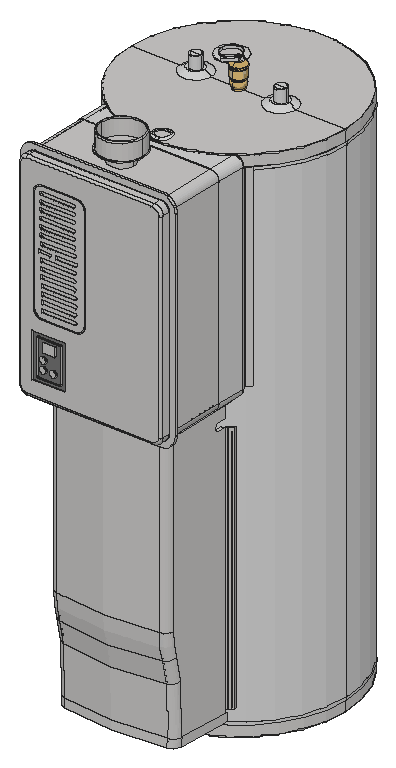
Revit family "Water_Heater-Rinnai-Hybrid_Tank-Tankless-RH180", category Mechanical Equipment, Revit 2012 (continued)
Definition of nested family "RH180"
  Automatic sketch dimensions
    Revolve 8 sketch curve to plane 10 = 0.2546"
    Revolve 8 sketch curve to Revolve 8 sketch curve = 0.24213"
    Revolve 8 sketch curve to Revolve 8 sketch curve = 0.07976"
    Revolve 8 sketch curve to Revolve 8 sketch curve = 0.10528"
    Revolve 8 sketch curve to Revolve 8 sketch curve = 0.01695"
    Revolve 8 sketch curve to Revolve 8 sketch curve = 0.25813"
    Revolve 8 sketch curve to Revolve 8 sketch curve = 0.26392"
    Revolve 8 sketch curve to Revolve 8 sketch curve = 0.08127"
    Revolve 8 sketch curve to Revolve 8 sketch curve = 0.02006"
    Revolve 8 sketch curve to Revolve 8 sketch curve = 0.062"  (x3)
    Revolve 8 sketch curve to Revolve 8 sketch curve = 0.06337"
    Revolve 8 sketch curve to Revolve 8 sketch curve = 0.26342"
    Revolve 8 sketch curve to Revolve 8 sketch curve = 0.00261"
    Revolve 8 sketch curve to Revolve 8 sketch curve = 0.00631"
    Revolve 8 sketch curve to Revolve 8 sketch curve = 0.03864"
    Revolve 8 sketch curve to Revolve 8 sketch curve = 0.12042"
    Revolve 8 sketch curve to plane 4 = 0.14293"
    Revolve 8 sketch curve to Revolve 8 sketch curve = 0.031"
    Revolve 8 sketch curve to Revolve 8 sketch curve = 0.1223"
    Revolve 8 sketch curve to Revolve 8 sketch curve = 0.245"
    Revolve 8 sketch curve to Revolve 8 sketch curve = 0.04657"
    Revolve 8 sketch curve to Revolve 8 sketch curve = 0.06051"
    Revolve 8 sketch curve to Revolve 8 sketch curve = 0.09363"
    Revolve 8 sketch curve to Revolve 8 sketch curve = 0.06693"
    Revolve 8 sketch curve to Revolve 8 sketch curve = 0.70137"
    Revolve 8 sketch curve to Revolve 8 sketch curve = 0.02307"
    Revolve 8 sketch curve to Revolve 8 sketch curve = 0.04387"
    Revolve 8 sketch curve to Revolve 8 sketch curve = 0.28709"
    Revolve 8 sketch curve to Revolve 8 sketch curve = 0.42644"
    Sweep 9 sketch curve to plane 10 = 0.08318"
    plane 3 "Center (Left/Right)" to Sweep 9 sketch curve = 0.34063"
    Sweep 9 sketch curve to Sweep 9 sketch curve = 0.03132"
    profile plane to Sweep 9 sketch curve = 1.58317"
    Sweep 9 sketch curve to Sweep 9 sketch curve = 0.12413"
    profile plane to Sweep 9 sketch curve = 0.58324"
    Sweep 9 sketch curve to Sweep 9 sketch curve = 0.02946"
    Sweep 9 sketch curve to Sweep 9 sketch curve = 0.00629"
    profile plane to Sweep 9 sketch curve = 0.07443"
    Sweep 9 sketch curve to profile plane = 0.00007"
    Sweep 9 sketch curve to profile plane = 0.02151"
    level to Sweep 9 sketch curve = 50.90632"
    Sweep 9 sketch curve to Sweep 9 sketch curve = 0.16175"
    Sweep 9 sketch curve to Sweep 9 sketch curve = 0.02123"
    Sweep 10 sketch curve to plane 3 "Center (Left/Right)" = 0.12116"
    plane 10 to Sweep 10 sketch curve = 0.30239"
    Sweep 10 sketch curve to Sweep 10 sketch curve = 0.03132"
    profile plane to Sweep 10 sketch curve = 0.02151"
    profile plane to Sweep 10 sketch curve = 0.00007"
    Sweep 10 sketch curve to profile plane = 0.07443"
    Sweep 10 sketch curve to Sweep 10 sketch curve = 0.47306"
    Sweep 10 sketch curve to Sweep 10 sketch curve = 0.00629"
    Sweep 10 sketch curve to Sweep 10 sketch curve = 0.02946"
    Sweep 10 sketch curve to Sweep 10 sketch curve = 0.8758"
    Sweep 10 sketch curve to Sweep 10 sketch curve = 0.12413"
    level to Sweep 10 sketch curve = 50.90632"
    Sweep 10 sketch curve to Sweep 10 sketch curve = 0.16175"
    Sweep 10 sketch curve to Sweep 10 sketch curve = 0.02123"
    Sweep 11 sketch curve to plane 3 "Center (Left/Right)" = 0.88817"
    plane 10 to Sweep 11 sketch curve = 0.92763"
    Sweep 11 sketch curve to Sweep 11 sketch curve = 1"
    profile plane to Sweep 11 sketch curve = 0.1551"
    Sweep 11 sketch curve to Sweep 11 sketch curve = 0.02744"  (x2)
    Sweep 11 sketch curve to Sweep 11 sketch curve = 0.00388"  (x2)
    Sweep 11 sketch curve to profile plane = 0.12378"
    level to Sweep 11 sketch curve = 51.21335"
    Sweep 11 sketch curve to Sweep 11 sketch curve = 0"
    Sweep 11 sketch curve to Sweep 11 sketch curve = 0.04053"
    Sweep 11 sketch curve to Sweep 11 sketch curve = 0.01243"
    Revolve 12 sketch curve to plane 3 "Center (Left/Right)" = 0.11449"
    Revolve 12 sketch curve to Revolve 12 sketch curve = 0"  (x2)
    Revolve 12 sketch curve to Revolve 12 sketch curve = 0.03182"  (x2)
    Revolve 12 sketch curve to plane 3 "Center (Left/Right)" = 0.03398"
    plane 3 "Center (Left/Right)" to Revolve 12 sketch curve = 0.20371"
    plane 10 to Revolve 12 sketch curve = 0.1591"
    Revolve 12 sketch curve to plane 10 = 0.0786"
    plane 5 to Extrusion 18 sketch curve = 4.06685"
    Extrusion 18 sketch curve to Extrusion 18 sketch curve = 0.0693"
    Extrusion 18 sketch curve to Extrusion 18 sketch curve = 0.44319"
    Extrusion 18 sketch curve to Extrusion 18 sketch curve = 0.05622"
    Extrusion 18 sketch curve to Extrusion 18 sketch curve = 0.06348"
    Extrusion 18 sketch curve to Extrusion 18 sketch curve = 0.0961"
    Extrusion 18 sketch curve to Extrusion 18 sketch curve = 0.05609"
    Extrusion 18 sketch curve to Extrusion 18 sketch curve = 0.08818"
    Extrusion 18 sketch curve to plane 3 "Center (Left/Right)" = 0.98536"
    plane 1 "Center (Front/Back)" to Extrusion 18 sketch curve = 4.81805"
    Extrusion 18 sketch curve to Extrusion 18 sketch curve = 0.03975"
    Extrusion 18 sketch curve to Extrusion 18 sketch curve = 0.0707"
    Extrusion 18 sketch curve to Extrusion 18 sketch curve = 0.04249"
    Extrusion 18 sketch curve to Extrusion 18 sketch curve = 0.24866"
    Extrusion 18 sketch curve to Extrusion 18 sketch curve = 0.13918"
    Extrusion 19 sketch curve to plane 6 = 3.81072"
    Extrusion 19 sketch curve to Extrusion 19 sketch curve = 0.08694"
    Extrusion 19 sketch curve to Extrusion 19 sketch curve = 0.39198"
    Extrusion 19 sketch curve to Extrusion 19 sketch curve = 0.07053"
    Extrusion 19 sketch curve to Extrusion 19 sketch curve = 0.04589"
    Extrusion 19 sketch curve to Extrusion 19 sketch curve = 0.02001"
    Extrusion 19 sketch curve to Extrusion 19 sketch curve = 0.11011"
    Extrusion 19 sketch curve to Extrusion 19 sketch curve = 0.05004"
    Extrusion 19 sketch curve to Extrusion 19 sketch curve = 0.16281"
    Extrusion 19 sketch curve to plane 10 = 0.0025"
    Extrusion 19 sketch curve to plane 3 "Center (Left/Right)" = 1/8"
    Extrusion 19 sketch curve to plane 1 "Center (Front/Back)" = 4.23341"
    Extrusion 19 sketch curve to Extrusion 19 sketch curve = 33/256"
    Extrusion 19 sketch curve to Extrusion 19 sketch curve = 0.04948"
    Extrusion 19 sketch curve to Extrusion 19 sketch curve = 0.09962"
    Extrusion 19 sketch curve to Extrusion 19 sketch curve = 0.05603"
    Extrusion 19 sketch curve to Extrusion 19 sketch curve = 0.048"
    Extrusion 20 sketch curve to plane 6 = 4.06685"
    Extrusion 20 sketch curve to Extrusion 20 sketch curve = 0.0693"
    Extrusion 20 sketch curve to Extrusion 20 sketch curve = 0.44319"
    Extrusion 20 sketch curve to Extrusion 20 sketch curve = 0.05622"
    Extrusion 20 sketch curve to Extrusion 20 sketch curve = 0.06348"
    Extrusion 20 sketch curve to Extrusion 20 sketch curve = 0.0961"
    Extrusion 20 sketch curve to Extrusion 20 sketch curve = 0.05609"
    Extrusion 20 sketch curve to Extrusion 20 sketch curve = 0.08818"
    Extrusion 20 sketch curve to plane 3 "Center (Left/Right)" = 0.98536"
    Extrusion 20 sketch curve to plane 1 "Center (Front/Back)" = 4.81805"
    Extrusion 20 sketch curve to Extrusion 20 sketch curve = 0.03975"
    Extrusion 20 sketch curve to Extrusion 20 sketch curve = 0.0707"
    Extrusion 20 sketch curve to Extrusion 20 sketch curve = 0.04249"
    Extrusion 20 sketch curve to Extrusion 20 sketch curve = 0.24866"
    Extrusion 20 sketch curve to Extrusion 20 sketch curve = 0.13918"
    plane 5 to Revolve 21 sketch curve = 1.91318"
    plane 1 "Center (Front/Back)" to Revolve 21 sketch curve = 2.94911"
    Revolve 21 sketch curve to Revolve 21 sketch curve = 0.07673"
    Revolve 21 sketch curve to Revolve 21 sketch curve = 0.21759"
    Revolve 21 sketch curve to Revolve 21 sketch curve = 0.42737"
    Revolve 21 sketch curve to Revolve 21 sketch curve = 0.03017"
    Revolve 21 sketch curve to Revolve 21 sketch curve = 0.44159"
    Revolve 21 sketch curve to Revolve 21 sketch curve = 7.82943"
    Revolve 21 sketch curve to Revolve 21 sketch curve = 0"
    Revolve 21 sketch curve to Revolve 21 sketch curve = 0.07649"
    Revolve 21 sketch curve to Revolve 21 sketch curve = 0.47815"
    Revolve 21 sketch curve to Revolve 21 sketch curve = 0.32454"
    Revolve 22 sketch curve to plane 9 = 2.20117"  (x2)
    Revolve 22 sketch curve to Revolve 22 sketch curve = 0"
    Revolve 22 sketch curve to plane 9 = 2.33375"
    Revolve 22 sketch curve to Revolve 22 sketch curve = 0.13258"
    Revolve 22 sketch curve to plane 9 = 1.94757"
    Revolve 22 sketch curve to Revolve 22 sketch curve = 0.2536"
    Revolve 22 sketch curve to plane 9 = 1.9802"
    Revolve 22 sketch curve to Revolve 22 sketch curve = 0.23254"
    Revolve 22 sketch curve to plane 9 = 2.03321"
    Revolve 22 sketch curve to Revolve 22 sketch curve = 0.05301"
    Revolve 22 sketch curve to plane 9 = 2.13542"
    Revolve 22 sketch curve to Revolve 22 sketch curve = 0.2192"
    Revolve 22 sketch curve to plane 9 = 1.88739"
    Revolve 22 sketch curve to Revolve 22 sketch curve = 0.12996"
    Revolve 22 sketch curve to Revolve 22 sketch curve = 0.05392"  (x2)
    Revolve 22 sketch curve to plane 9 = 1.94643"
    Revolve 22 sketch curve to Revolve 22 sketch curve = 0.05904"
    Revolve 24 sketch curve to plane 4 = 2.59477"
    plane 1 "Center (Front/Back)" to Revolve 24 sketch curve = 5.9715"
    Revolve 24 sketch curve to plane 4 = 2.50012"
    Revolve 24 sketch curve to Revolve 24 sketch curve = 0.178"
    Revolve 24 sketch curve to Revolve 24 sketch curve = 0.05032"
    Revolve 24 sketch curve to Revolve 24 sketch curve = 0.62849"
    Revolve 24 sketch curve to Revolve 24 sketch curve = 0.043"
    Revolve 24 sketch curve to Revolve 24 sketch curve = 0.13591"
    Revolve 25 sketch curve to level = 0"
    level to Revolve 25 sketch curve = 0.07217"
    plane 5 to Revolve 25 sketch curve = 1.72505"
    Revolve 25 sketch curve to Revolve 25 sketch curve = 0"  (x3)
    Revolve 25 sketch curve to Revolve 25 sketch curve = 0.11113"
    Revolve 25 sketch curve to Revolve 25 sketch curve = 0.72556"
    Revolve 25 sketch curve to Revolve 25 sketch curve = 0.02023"
    Revolve 26 sketch curve to level = 0"
    Revolve 26 sketch curve to plane 3 "Center (Left/Right)" = 0"  (x2)
    Revolve 26 sketch curve to plane 3 "Center (Left/Right)" = 0.72556"
    level to Revolve 26 sketch curve = 0.07217"  (x2)
    Revolve 26 sketch curve to Revolve 26 sketch curve = 0.11113"
    level to Revolve 26 sketch curve = 0.02023"
    Revolve 26 sketch curve to Revolve 26 sketch curve = 0"
    Revolve 27 sketch curve to level = 0"
    Revolve 27 sketch curve to plane 3 "Center (Left/Right)" = 0"  (x2)
    Revolve 27 sketch curve to plane 3 "Center (Left/Right)" = 0.72556"
    level to Revolve 27 sketch curve = 0.07217"  (x2)
    Revolve 27 sketch curve to Revolve 27 sketch curve = 0.11113"
    level to Revolve 27 sketch curve = 0.02023"
    Revolve 27 sketch curve to Revolve 27 sketch curve = 0"
    Revolve 28 sketch curve to level = 0"
    level to Revolve 28 sketch curve = 0.07217"
    plane 3 "Center (Left/Right)" to Revolve 28 sketch curve = 4.69968"
    Revolve 28 sketch curve to Revolve 28 sketch curve = 0"  (x3)
    Revolve 28 sketch curve to Revolve 28 sketch curve = 0.11113"
    Revolve 28 sketch curve to Revolve 28 sketch curve = 0.72556"
    Revolve 28 sketch curve to Revolve 28 sketch curve = 0.02023"
    Revolve 25 to Extrusion 29 sketch curve = 2.0016"  (x3)
    Extrusion 29 sketch curve to Extrusion 29 sketch curve = 4.02291"
    Extrusion 29 sketch curve to Extrusion 29 sketch curve = 4"
    plane 5 to Sweep 30 sketch curve = 3.34436"
    Sweep 30 sketch curve to Sweep 30 sketch curve = 107/128"  (x2)
    plane 6 to Sweep 30 sketch curve = 4.11396"
    plane 6 to Sweep 30 sketch curve = 4.11384"
    Sweep 30 sketch curve to Sweep 30 sketch curve = 0.83582"
    Sweep 30 sketch curve to plane 4 = 22.78972"
    Sweep 30 sketch curve to plane 4 = 3.46818"
    profile plane to Sweep 30 sketch curve = 0.2126"
    profile plane to Sweep 30 sketch curve = 0.10526"
    profile plane to Sweep 30 sketch curve = 0.06299"
    profile plane to Sweep 30 sketch curve = 0.05919"
    Sweep 30 sketch curve to profile plane = 0.02496"
    Sweep 30 sketch curve to profile plane = 0.07035"
    Sweep 30 sketch curve to Sweep 30 sketch curve = 0.44147"
    plane 1 "Center (Front/Back)" to Sweep 30 sketch curve = 6.85225"
    Sweep 30 sketch curve to Sweep 30 sketch curve = 5.5748"
    Sweep 30 sketch curve to Sweep 30 sketch curve = 0.19685"
    Sweep 30 sketch curve to Sweep 30 sketch curve = 0.07874"
    plane 5 to Sweep 31 sketch curve = 3.34436"
    Sweep 31 sketch curve to Sweep 31 sketch curve = 107/128"  (x2)
    plane 6 to Sweep 31 sketch curve = 4.11396"
    plane 6 to Sweep 31 sketch curve = 4.11384"
    Sweep 31 sketch curve to Sweep 31 sketch curve = 0.83582"
    Sweep 31 sketch curve to plane 4 = 22.78972"
    Sweep 31 sketch curve to plane 4 = 3.46818"
    profile plane to Sweep 31 sketch curve = 0.34917"
    Sweep 31 sketch curve to Sweep 31 sketch curve = 0.0738"
    profile plane to Sweep 31 sketch curve = 0.08002"
    plane 1 "Center (Front/Back)" to Sweep 31 sketch curve = 12.70264"
    Sweep 31 sketch curve to Sweep 31 sketch curve = 0.66161"
    plane 5 to Extrusion 32 sketch curve = 3.69353"
    Extrusion 32 sketch curve to Extrusion 32 sketch curve = 0.48677"  (x2)
    plane 6 to Extrusion 32 sketch curve = 4.11396"
    plane 6 to Extrusion 32 sketch curve = 4.11384"
    Extrusion 32 sketch curve to Extrusion 32 sketch curve = 0.48665"
    Extrusion 32 sketch curve to plane 4 = 22.44055"
    Extrusion 32 sketch curve to plane 4 = 3.46818"
    Extrusion 33 sketch curve to Extrusion 33 sketch curve = 0"  (x9)
    Extrusion 33 sketch curve to plane 3 "Center (Left/Right)" = 4.93964"
    Extrusion 33 sketch curve to Extrusion 33 sketch curve = 9/256"
    Extrusion 33 sketch curve to Extrusion 33 sketch curve = 0.08057"
    Extrusion 33 sketch curve to Extrusion 33 sketch curve = 25/256"
    Extrusion 33 sketch curve to Extrusion 33 sketch curve = 0.44987"
    Extrusion 33 sketch curve to Extrusion 33 sketch curve = 0.49262"
    Extrusion 33 sketch curve to Extrusion 33 sketch curve = 0.0485"
    Extrusion 33 sketch curve to Extrusion 33 sketch curve = 0.05142"
    Extrusion 33 sketch curve to Extrusion 33 sketch curve = 0.93621"
    Extrusion 33 sketch curve to Extrusion 33 sketch curve = 0.99669"
    Extrusion 33 sketch curve to Extrusion 33 sketch curve = 0.00502"
    Extrusion 33 sketch curve to Extrusion 33 sketch curve = 3/64"
    Extrusion 33 sketch curve to Extrusion 33 sketch curve = 0.41061"
    Extrusion 33 sketch curve to Extrusion 33 sketch curve = 0.60027"
    Extrusion 33 sketch curve to Extrusion 33 sketch curve = 0.09786"
    Extrusion 33 sketch curve to plane 4 = 20.88421"
    Extrusion 33 sketch curve to Extrusion 33 sketch curve = 0.62491"  (x2)
    Extrusion 33 sketch curve to Extrusion 33 sketch curve = 0.83125"
    Extrusion 33 sketch curve to Extrusion 33 sketch curve = 0.63547"
    Extrusion 33 sketch curve to Extrusion 33 sketch curve = 0.75123"
    Extrusion 33 sketch curve to Extrusion 33 sketch curve = 0.2775"
    plane 5 to Extrusion 34 sketch curve = 4.62956"
    Extrusion 34 sketch curve to plane 3 "Center (Left/Right)" = 2.23215"
    Extrusion 34 sketch curve to plane 4 = 21.24009"
    Extrusion 34 sketch curve to Extrusion 34 sketch curve = 4.14276"
    plane 5 to Extrusion 35 sketch curve = 4.62956"
    Extrusion 35 sketch curve to plane 3 "Center (Left/Right)" = 2.23215"
    Extrusion 35 sketch curve to plane 4 = 21.24009"
    Extrusion 35 sketch curve to Extrusion 35 sketch curve = 4.14276"
    plane 5 to Sweep 36 sketch curve = 4.76508"
    Sweep 36 sketch curve to Sweep 36 sketch curve = 215/256"
    Sweep 36 sketch curve to Sweep 36 sketch curve = 0.84077"
    Sweep 36 sketch curve to plane 3 "Center (Left/Right)" = 1.26374"  (x2)
    Sweep 36 sketch curve to plane 3 "Center (Left/Right)" = 0.42389"  (x2)
    Sweep 36 sketch curve to plane 4 = 15.92358"
    Sweep 36 sketch curve to Sweep 36 sketch curve = 0"  (x2)
    Sweep 36 sketch curve to plane 4 = 5.536"
    Sweep 36 sketch curve to profile plane = 0"
    Sweep 36 sketch curve to profile plane = 0.02279"
    Sweep 36 sketch curve to Sweep 36 sketch curve = 0.03309"
    profile plane to Sweep 36 sketch curve = 13.55968"
    Sweep 36 sketch curve to Sweep 36 sketch curve = 0.09358"
    plane 5 to Extrusion 37 sketch curve = 4.82097"
    Extrusion 37 sketch curve to plane 3 "Center (Left/Right)" = 4.60106"
    Extrusion 37 sketch curve to Extrusion 37 sketch curve = 0.77463"
    Extrusion 37 sketch curve to Extrusion 37 sketch curve = 0.19666"
    Extrusion 37 sketch curve to Extrusion 37 sketch curve = 0"  (x19)
    Extrusion 37 sketch curve to Extrusion 37 sketch curve = 0.78396"
    Extrusion 37 sketch curve to Extrusion 37 sketch curve = 0.01026"
    Extrusion 37 sketch curve to Extrusion 37 sketch curve = 0.25764"  (x2)
    Extrusion 37 sketch curve to Extrusion 37 sketch curve = 0.11263"  (x2)
    Extrusion 37 sketch curve to Extrusion 37 sketch curve = 0.06098"  (x3)
    Extrusion 37 sketch curve to Extrusion 37 sketch curve = 0.6456"
    Extrusion 37 sketch curve to Extrusion 37 sketch curve = 0.04017"  (x2)
    Extrusion 37 sketch curve to Extrusion 37 sketch curve = 0.63755"
    Extrusion 37 sketch curve to plane 3 "Center (Left/Right)" = 1.4644"
    Extrusion 37 sketch curve to plane 3 "Center (Left/Right)" = 1.34244"
    Extrusion 37 sketch curve to Extrusion 37 sketch curve = 0.13848"
    Extrusion 37 sketch curve to Extrusion 37 sketch curve = 0.07871"
    Extrusion 37 sketch curve to Extrusion 37 sketch curve = 0.20066"
    Extrusion 37 sketch curve to plane 3 "Center (Left/Right)" = 0.47977"  (x2)
    Extrusion 37 sketch curve to plane 4 = 15.86769"
    Extrusion 37 sketch curve to Extrusion 37 sketch curve = 0.2567"
    Extrusion 37 sketch curve to Extrusion 37 sketch curve = 0.0467"
    Extrusion 37 sketch curve to Extrusion 37 sketch curve = 0.26964"
    Extrusion 37 sketch curve to Extrusion 37 sketch curve = 0.21"  (x13)
    Extrusion 37 sketch curve to Extrusion 37 sketch curve = 0.277"  (x6)
    Extrusion 37 sketch curve to Extrusion 37 sketch curve = 0.25362"
    Extrusion 37 sketch curve to Extrusion 37 sketch curve = 0.30038"
    Extrusion 37 sketch curve to Extrusion 37 sketch curve = 0.27793"
    Extrusion 37 sketch curve to Extrusion 37 sketch curve = 0.30826"
    Extrusion 37 sketch curve to Extrusion 37 sketch curve = 0.17233"
    Extrusion 37 sketch curve to Extrusion 37 sketch curve = 0.27607"
    Extrusion 37 sketch curve to Extrusion 37 sketch curve = 0.28952"
    Extrusion 37 sketch curve to Extrusion 37 sketch curve = 0.24688"
    Extrusion 37 sketch curve to Extrusion 37 sketch curve = 0.2946"
    Extrusion 37 sketch curve to Extrusion 37 sketch curve = 0.05379"
    Extrusion 37 sketch curve to Extrusion 37 sketch curve = 0.15621"
    plane 5 to Extrusion 38 sketch curve = 4.76508"
    Extrusion 38 sketch curve to Extrusion 38 sketch curve = 215/256"
    Extrusion 38 sketch curve to Extrusion 38 sketch curve = 0.84077"
    Extrusion 38 sketch curve to plane 3 "Center (Left/Right)" = 1.26374"  (x2)
    Extrusion 38 sketch curve to plane 3 "Center (Left/Right)" = 0.42389"  (x2)
    Extrusion 38 sketch curve to plane 4 = 15.92358"
    Extrusion 38 sketch curve to Extrusion 38 sketch curve = 0"  (x2)
    Extrusion 38 sketch curve to plane 4 = 5.536"
    plane 5 to Sweep 39 sketch curve = 3.34436"
    Sweep 39 sketch curve to Sweep 39 sketch curve = 107/128"  (x2)
    plane 6 to Sweep 39 sketch curve = 4.11396"
    plane 6 to Sweep 39 sketch curve = 4.11384"
    Sweep 39 sketch curve to Sweep 39 sketch curve = 0.83582"
    Sweep 39 sketch curve to plane 4 = 22.78972"
    Sweep 39 sketch curve to plane 4 = 3.46818"
    profile plane to Sweep 39 sketch curve = 0.35322"
    profile plane to Sweep 39 sketch curve = 0.20351"
    profile plane to Sweep 39 sketch curve = 0.02393"
    plane 1 "Center (Front/Back)" to Sweep 39 sketch curve = 3.93037"
    Sweep 39 sketch curve to Sweep 39 sketch curve = 2.7423"
    Extrusion 40 sketch curve to plane 3 "Center (Left/Right)" = 0"
    plane 5 to Extrusion 40 sketch curve = 3.52004"
    Extrusion 40 sketch curve to Extrusion 40 sketch curve = 0.00265"
    Extrusion 40 sketch curve to Extrusion 40 sketch curve = 0.08542"
    Extrusion 40 sketch curve to Extrusion 40 sketch curve = 0"
    Extrusion 40 sketch curve to Extrusion 40 sketch curve = 0.15002"
    Extrusion 40 sketch curve to Extrusion 40 sketch curve = 0.15003"
    Extrusion 40 sketch curve to Extrusion 40 sketch curve = 0.02774"
    Extrusion 40 sketch curve to Extrusion 40 sketch curve = 0.09087"
    Extrusion 40 sketch curve to Extrusion 40 sketch curve = 0.00906"
    Extrusion 40 sketch curve to Extrusion 40 sketch curve = 0.41354"
    Extrusion 40 sketch curve to Extrusion 40 sketch curve = 0.11101"
    plane 1 "Center (Front/Back)" to Extrusion 40 sketch curve = 4.09102"
    Extrusion 40 sketch curve to Extrusion 40 sketch curve = 0.14734"
    Extrusion 40 sketch curve to Extrusion 40 sketch curve = 0.00338"
    Extrusion 40 sketch curve to Extrusion 40 sketch curve = 0.1517"
    Extrusion 40 sketch curve to Extrusion 40 sketch curve = 0.00159"
    Extrusion 40 sketch curve to Extrusion 40 sketch curve = 0.08473"
    Extrusion 41 sketch curve to plane 3 "Center (Left/Right)" = 0"
    Extrusion 41 sketch curve to plane 6 = 3.52004"
    Extrusion 41 sketch curve to Extrusion 41 sketch curve = 0.00265"
    Extrusion 41 sketch curve to Extrusion 41 sketch curve = 0.08542"
    Extrusion 41 sketch curve to Extrusion 41 sketch curve = 0"
    Extrusion 41 sketch curve to Extrusion 41 sketch curve = 0.15002"
    Extrusion 41 sketch curve to Extrusion 41 sketch curve = 0.15003"
    Extrusion 41 sketch curve to Extrusion 41 sketch curve = 0.02774"
    Extrusion 41 sketch curve to Extrusion 41 sketch curve = 0.09087"
    Extrusion 41 sketch curve to Extrusion 41 sketch curve = 0.00906"
    Extrusion 41 sketch curve to Extrusion 41 sketch curve = 0.41354"
    Extrusion 41 sketch curve to Extrusion 41 sketch curve = 0.11101"
    Extrusion 41 sketch curve to plane 1 "Center (Front/Back)" = 4.09102"
    Extrusion 41 sketch curve to Extrusion 41 sketch curve = 0.14734"
    Extrusion 41 sketch curve to Extrusion 41 sketch curve = 0.00338"
    Extrusion 41 sketch curve to Extrusion 41 sketch curve = 0.1517"
    Extrusion 41 sketch curve to Extrusion 41 sketch curve = 0.00159"
    Extrusion 41 sketch curve to Extrusion 41 sketch curve = 0.08473"
    Extrusion 42 sketch curve to plane 3 "Center (Left/Right)" = 0"
    plane 10 to Extrusion 42 sketch curve = 0.00118"
    plane 3 "Center (Left/Right)" to Sweep 4 sketch curve = 0.04855"
    Sweep 4 sketch curve to plane 8 = 3.84058"
    Sweep 4 sketch curve to profile plane = 0.04748"
    Sweep 4 sketch curve to profile plane = 0.1699"
    Sweep 4 sketch curve to Sweep 4 sketch curve = 9/256"  (x3)
    Sweep 4 sketch curve to Sweep 4 sketch curve = 0.00551"
    Sweep 4 sketch curve to Sweep 4 sketch curve = 0.03718"
    Sweep 4 sketch curve to Sweep 4 sketch curve = 0.78144"
    level to Sweep 4 sketch curve = 48.50476"
    Sweep 4 sketch curve to Sweep 4 sketch curve = 1.02407"
    Sweep 4 sketch curve to Sweep 4 sketch curve = 0.02274"
    Sweep 4 sketch curve to Sweep 4 sketch curve = 1.45152"
    Sweep 4 sketch curve to Sweep 4 sketch curve = 0.00588"
    Sweep 4 sketch curve to Sweep 4 sketch curve = 0.124"
    Sweep 13 sketch curve to plane 9 = 2.73345"
    plane 8 to Sweep 13 sketch curve = 26.80447"
    plane 8 to Sweep 13 sketch curve = 7.95494"
    Sweep 13 sketch curve to plane 8 = 1.78784"
    Sweep 13 sketch curve to plane 8 = 2.18193"
    Sweep 13 sketch curve to Sweep 13 sketch curve = 0"  (x5)
    Sweep 13 sketch curve to Sweep 13 sketch curve = 0.40569"
    Sweep 13 sketch curve to plane 9 = 1.30155"
    Sweep 13 sketch curve to Sweep 13 sketch curve = 0.12715"
    Sweep 13 sketch curve to Sweep 13 sketch curve = 16.60664"
    Sweep 13 sketch curve to profile plane = 1.30976"
    Sweep 13 sketch curve to plane 3 "Center (Left/Right)" = 5.44033"
    Sweep 13 sketch curve to Sweep 13 sketch curve = 1/4"
    Sweep 13 sketch curve to profile plane = 0.45271"
    Sweep 13 sketch curve to Sweep 13 sketch curve = 0.52237"
    Sweep 13 sketch curve to Sweep 13 sketch curve = 0.06113"
    Sweep 13 sketch curve to Sweep 13 sketch curve = 0.13549"
    plane 3 "Center (Left/Right)" to Sweep 13 sketch curve = 0.04461"
    plane 3 "Center (Left/Right)" to Sweep 13 sketch curve = 0.12152"
    Sweep 13 sketch curve to profile plane = 1.31375"
    plane 3 "Center (Left/Right)" to Sweep 13 sketch curve = 4.66852"
    Sweep 13 sketch curve to Sweep 13 sketch curve = 0.07254"
    Sweep 13 sketch curve to Sweep 13 sketch curve = 0.00424"
    Sweep 13 sketch curve to Sweep 13 sketch curve = 0.48173"
    Sweep 13 sketch curve to Sweep 13 sketch curve = 0.30676"
    Extrusion 14 sketch curve to plane 9 = 2.73345"
    plane 8 to Extrusion 14 sketch curve = 26.80447"
    plane 8 to Extrusion 14 sketch curve = 7.95494"
    Extrusion 14 sketch curve to plane 8 = 3.0976"
    Extrusion 14 sketch curve to Extrusion 14 sketch curve = 0.33679"
    Extrusion 14 sketch curve to Extrusion 14 sketch curve = 0"  (x2)
    Extrusion 14 sketch curve to Extrusion 14 sketch curve = 0.45582"
    Extrusion 14 sketch curve to plane 9 = 1.23809"
    Extrusion 14 sketch curve to Extrusion 14 sketch curve = 0.13279"
    Extrusion 14 sketch curve to Extrusion 14 sketch curve = 5.12204"
    Extrusion 14 sketch curve to Extrusion 14 sketch curve = 0.75207"
    Extrusion 14 sketch curve to plane 9 = 0.99804"
    plane 1 "Center (Front/Back)" to Extrusion 14 sketch curve = 4.7783"
    Extrusion 14 sketch curve to Extrusion 14 sketch curve = 14.38164"
    Extrusion 14 sketch curve to Extrusion 14 sketch curve = 3/8"
    Extrusion 14 sketch curve to Extrusion 14 sketch curve = 1.475"
    Extrusion 15 sketch curve to plane 9 = 2.73345"
    plane 8 to Extrusion 15 sketch curve = 26.80447"
    plane 8 to Extrusion 15 sketch curve = 7.95494"
    Extrusion 15 sketch curve to plane 8 = 3.0976"
    Extrusion 15 sketch curve to Extrusion 15 sketch curve = 0.33679"
    Extrusion 15 sketch curve to Extrusion 15 sketch curve = 0"  (x2)
    Extrusion 15 sketch curve to Extrusion 15 sketch curve = 0.45582"
    Extrusion 15 sketch curve to plane 9 = 1.23809"
    Extrusion 15 sketch curve to Extrusion 15 sketch curve = 0.13279"
    Extrusion 15 sketch curve to Extrusion 15 sketch curve = 5.12204"
    Extrusion 15 sketch curve to Extrusion 15 sketch curve = 0.75207"
    Extrusion 15 sketch curve to plane 9 = 0.99804"
    plane 1 "Center (Front/Back)" to Extrusion 15 sketch curve = 4.7783"
    Extrusion 15 sketch curve to Extrusion 15 sketch curve = 14.38164"
    Extrusion 15 sketch curve to Extrusion 15 sketch curve = 3/8"
    Extrusion 15 sketch curve to Extrusion 15 sketch curve = 1.475"
    plane 5 to Sweep 16 sketch curve = 4.55967"
    Sweep 16 sketch curve to Sweep 16 sketch curve = 0.77237"
    Sweep 16 sketch curve to Sweep 16 sketch curve = 0"  (x2)
    Sweep 16 sketch curve to Sweep 16 sketch curve = 0.19662"
    plane 3 "Center (Left/Right)" to Sweep 16 sketch curve = 0.04461"
    Sweep 16 sketch curve to plane 8 = 3.10159"
    plane 3 "Center (Left/Right)" to Sweep 16 sketch curve = 4.66852"
    Sweep 16 sketch curve to Sweep 16 sketch curve = 0.17712"
    Sweep 16 sketch curve to Sweep 16 sketch curve = 0.86103"
    Sweep 16 sketch curve to Sweep 16 sketch curve = 0.00399"
    plane 1 "Center (Front/Back)" to Sweep 16 sketch curve = 4.7783"  (x2)
    profile plane to Sweep 16 sketch curve = 0"
    profile plane to Sweep 16 sketch curve = 0.02108"
    Sweep 16 sketch curve to Sweep 16 sketch curve = 33/256"
    Sweep 16 sketch curve to Sweep 16 sketch curve = 0.45248"
    Sweep 16 sketch curve to Sweep 16 sketch curve = 0.13445"
    level to Sweep 16 sketch curve = 28.15893"
    Sweep 16 sketch curve to Sweep 16 sketch curve = 0.11945"
    Extrusion 17 sketch curve to Sweep 13 = 0.85784"
    Extrusion 17 sketch curve to Extrusion 17 sketch curve = 0"
    Extrusion 17 sketch curve to Sweep 13 = 0.00024"
    Extrusion 17 sketch curve to Extrusion 17 sketch curve = 4.48509"
    Extrusion 17 sketch curve to Extrusion 17 sketch curve = 9.97047"
    Extrusion 17 sketch curve to Extrusion 17 sketch curve = 0.00765"
    Extrusion 17 sketch curve to Sweep 13 = 0.83946"
    Extrusion 17 sketch curve to Extrusion 17 sketch curve = 0.00098"
    Extrusion 17 sketch curve to Extrusion 17 sketch curve = 8.69953"
    Extrusion 17 sketch curve to Extrusion 17 sketch curve = 5.12062"
    plane 5 to Extrusion 43 sketch curve = 3.29102"
    Extrusion 43 sketch curve to plane 3 "Center (Left/Right)" = 0.00584"
    Extrusion 43 sketch curve to plane 8 = 0.1904"
    plane 6 to Extrusion 43 sketch curve = 3.30752"
    plane 1 "Center (Front/Back)" to Extrusion 43 sketch curve = 3 169/256"
    plane 1 "Center (Front/Back)" to Extrusion 43 sketch curve = 3.6557"
    curve 150 to curve 280 = 0"  (x2)
    curve 151 to curve 274 = 0"  (x2)
    curve 194 to curve 208 = 0"  (x2)
    curve 196 to curve 206 = 0"  (x2)
    curve 198 to curve 204 = 0"  (x2)
    curve 200 to curve 202 = 0"  (x3)
    curve 276 to curve 291 = 0"
    curve 278 to curve 290 = 0"  (x2)
    curve 297 to curve 311 = 0"  (x2)
    curve 299 to curve 309 = 0"  (x2)
    curve 301 to curve 307 = 0"  (x2)
    curve 303 to curve 305 = 0"
    curve 582 to plane 4 = 0"
    curve 582 to plane 5 = 0"
    curve 127 to level = 0"
    curve 130 to level = 0"
    curve 132 to level = 0"
    plane 5 to curve 113 = 0.02061"
    plane 5 to curve 123 = 0.02061"
    curve 125 to curve 124 = 0.02929"
    curve 113 to curve 112 = 0.03045"
    plane 5 to curve 119 = 0.05886"
    curve 113 to curve 117 = 0.04606"
    plane 9 to curve 121 = 11/256"
    curve 122 to curve 121 = 0.05389"
    curve 117 to curve 116 = 0.04415"
    plane 5 to curve 364 = 1.00545"
    curve 365 to curve 364 = 0"
    curve 364 to curve 368 = 0.01423"
    plane 5 to curve 355 = 1.12228"
    curve 368 to curve 366 = 0.11798"
    curve 366 to curve 365 = 0.00316"
    curve 368 to curve 366 = 0.00692"
    curve 363 to curve 366 = 0"  (x3)
    curve 355 to curve 353 = 0.04823"
    curve 363 to curve 359 = 0.05098"
    curve 353 to curve 353 = 0.10095"
    curve 352 to curve 353 = 0"  (x2)
    curve 363 to curve 363 = 0.13084"
    curve 353 to curve 347 = 0.13882"
    curve 359 to curve 346 = 0.12597"
    curve 347 to curve 358 = 0.01599"
    curve 347 to curve 350 = 0.03023"
    curve 352 to curve 352 = 0.10095"
    curve 350 to curve 355 = 0.05325"
    curve 355 to curve 350 = 0.00654"
    curve 352 to curve 353 = 0.04823"
    curve 352 to curve 357 = 0"
    curve 356 to curve 356 = 0.03248"
    curve 363 to curve 369 = 0.16251"
    curve 356 to curve 356 = 0.01443"
    curve 365 to curve 365 = 0.30006"
    curve 364 to curve 365 = 0"
    curve 358 to curve 371 = 0.11869"
    curve 369 to curve 371 = 0.02582"
    curve 371 to curve 358 = 0.00923"
    curve 356 to curve 362 = 0.06377"
    curve 358 to curve 369 = 0.06438"
    curve 362 to curve 350 = 0.05161"
    curve 351 to curve 350 = 0"
    curve 349 to curve 350 = 0"  (x2)
    curve 349 to curve 354 = 0"
    curve 364 to curve 366 = 0.12458"
    curve 354 to curve 348 = 0.04454"
    curve 347 to curve 348 = 0"  (x2)
    curve 346 to curve 347 = 0"  (x3)
    curve 362 to curve 337 = 0.10795"
    curve 337 to curve 348 = 0.00751"
    curve 369 to curve 344 = 0.07892"
    curve 348 to curve 351 = 0.04221"
    curve 351 to curve 349 = 0.03524"
    curve 349 to curve 357 = 0.0075"
    curve 357 to curve 354 = 0.00037"
    curve 346 to curve 360 = 0.1439"
    curve 358 to curve 360 = 0"  (x2)
    curve 365 to curve 338 = 0.28847"
    level to curve 126 = 0.06685"
    curve 338 to curve 126 = 1/256"
    curve 338 to curve 365 = 0.01159"
    curve 349 to curve 349 = 0.06751"
    curve 351 to curve 349 = 0"  (x2)
    curve 350 to curve 351 = 0"
    curve 344 to curve 345 = 0.19225"
    curve 126 to curve 127 = 0.10294"
    curve 349 to curve 348 = 0.09939"
    curve 367 to plane 9 = 0.34523"
    curve 364 to curve 367 = 0.14693"
    curve 370 to plane 9 = 0.80385"
    curve 363 to curve 370 = 0.32977"
    curve 370 to curve 345 = 0.01745"
    curve 346 to curve 361 = 0.12597"
    curve 348 to curve 361 = 0"
    curve 367 to curve 363 = 0.0899"
    curve 361 to curve 339 = 0.00515"
    curve 367 to plane 9 = 0.51504"
    curve 363 to curve 367 = 0.00814"
    curve 126 to curve 343 = 0.15972"
    curve 367 to curve 338 = 0.12668"
    curve 370 to plane 9 = 0.99763"
    curve 343 to curve 370 = 0.11823"
    curve 346 to curve 342 = 0.10401"
    curve 340 to curve 342 = 0"
    curve 339 to curve 340 = 0"  (x2)
    curve 341 to curve 342 = 0"
    curve 343 to curve 343 = 0.17536"
    curve 342 to curve 344 = 0.02442"
    curve 342 to curve 371 = 0.0308"
    curve 344 to curve 362 = 0.00668"
    curve 341 to curve 360 = 0.03486"
    curve 361 to curve 360 = 0.00504"
    curve 342 to curve 342 = 0.05263"
    curve 121 to plane 9 = 0.21268"
    curve 370 to curve 344 = 0.1577"
    curve 345 to curve 344 = 0"
    curve 371 to curve 341 = 0.27916"
    curve 338 to curve 372 = 0.40055"
    curve 338 to curve 372 = 0"
    curve 337 to curve 338 = 0"
    curve 337 to curve 340 = 0.18411"
    curve 372 to curve 372 = 0.40055"
    plane 5 to curve 290 = 2.83254"
    curve 117 to curve 115 = 0.02034"
    plane 9 to curve 586 = 11/256"
    curve 372 to curve 586 = 0.33821"
    curve 112 to curve 585 = 0"
    curve 586 to curve 128 = 0.13345"
    curve 339 to curve 337 = 0.77705"
    curve 127 to curve 128 = 0.10294"
    curve 149 to curve 279 = 0.571"
    curve 279 to curve 283 = 0.02083"
    curve 282 to curve 326 = 0.64247"
    curve 282 to curve 286 = 3/4"
    curve 112 to curve 281 = 1.02052"
    curve 281 to curve 148 = 0.00592"
    curve 287 to curve 278 = 0.00592"
    curve 334 to plane 9 = 0.44709"
    curve 326 to curve 334 = 0.49246"
    curve 325 to curve 325 = 0.49282"
    curve 290 to curve 293 = 0.44927"
    curve 150 to curve 200 = 0.58479"
    curve 199 to curve 202 = 0.05588"
    curve 292 to curve 305 = 0.4308"
    curve 307 to curve 302 = 9/256"
    curve 303 to curve 303 = 0.08057"
    curve 301 to curve 307 = 25/256"
    curve 334 to curve 333 = 0.77465"
    curve 240 to plane 3 "Center (Left/Right)" = 4.60106"
    curve 148 to curve 154 = 1.34682"
    curve 334 to curve 334 = 0.1947"
    curve 154 to curve 153 = 1/32"
    curve 202 to curve 216 = 0.77463"
    curve 212 to curve 216 = 0"
    curve 215 to curve 223 = 0"
    curve 223 to curve 225 = 0"  (x2)
    curve 220 to curve 224 = 0"
    curve 227 to curve 229 = 0"
    curve 203 to curve 198 = 0.78396"
    curve 212 to curve 202 = 0.01026"
    curve 301 to curve 320 = 0.44987"
    curve 301 to curve 321 = 0.44987"
    curve 231 to curve 236 = 0.06098"
    curve 239 to curve 256 = 0.25764"
    curve 252 to curve 256 = 0"
    curve 239 to curve 245 = 0.25764"
    curve 303 to curve 314 = 0.49262"
    curve 314 to curve 315 = 0.0485"
    curve 255 to curve 261 = 0.06098"
    curve 255 to curve 260 = 0.06098"
    curve 204 to curve 267 = 0.11263"
    curve 204 to curve 272 = 0.11263"
    curve 313 to curve 312 = 0.05142"
    curve 248 to curve 238 = 0.6456"
    curve 239 to curve 238 = 0.04017"
    curve 238 to curve 237 = 0.04017"
    curve 334 to curve 334 = 0.97418"
    curve 156 to plane 4 = 1.09269"
    curve 153 to curve 156 = 0.97248"
    curve 156 to plane 4 = 1.12394"
    curve 153 to curve 156 = 1/32"
    curve 321 to curve 322 = 0.93621"
    curve 313 to curve 312 = 0.99669"
    curve 319 to curve 317 = 0.00502"
    curve 317 to curve 318 = 3/64"
    curve 238 to curve 244 = 0.67772"
    curve 318 to curve 311 = 0.41061"
    curve 322 to curve 308 = 0.60027"
    curve 299 to curve 298 = 25/256"
    curve 310 to curve 294 = 0.45553"
    curve 154 to curve 165 = 1.4057"
    curve 165 to curve 171 = 0.12242"
    curve 173 to plane 4 = 0.03775"
    curve 171 to curve 173 = 0.04067"
    curve 210 to plane 3 "Center (Left/Right)" = 1.4644"
    curve 230 to plane 3 "Center (Left/Right)" = 1.4644"
    curve 226 to curve 229 = 0"
    curve 210 to curve 213 = 0"
    curve 219 to curve 221 = 0"
    curve 250 to plane 3 "Center (Left/Right)" = 1.40342"
    curve 247 to curve 249 = 0"
    curve 250 to curve 253 = 0"
    curve 230 to curve 235 = 0.06098"
    curve 267 to plane 3 "Center (Left/Right)" = 1.34244"
    curve 266 to curve 269 = 0"
    curve 263 to curve 265 = 0"
    curve 258 to curve 262 = 0"
    curve 235 to curve 241 = 0.13848"
    curve 271 to curve 206 = 0.07871"
    curve 211 to curve 208 = 0.20066"
    curve 194 to curve 201 = 0"
    curve 171 to curve 169 = 0.8166"
    curve 173 to curve 180 = 0.87146"
    curve 181 to curve 181 = 0.02129"
    curve 180 to curve 179 = 0.02189"
    curve 129 to plane 3 "Center (Left/Right)" = 0.82851"
    plane 4 to curve 182 = 0.06631"
    curve 178 to curve 182 = 0.17515"
    curve 178 to curve 186 = 0.00275"
    curve 186 to curve 186 = 0.01941"
    curve 129 to curve 130 = 0.10294"
    curve 206 to plane 3 "Center (Left/Right)" = 0.47977"
    curve 207 to plane 3 "Center (Left/Right)" = 0.47977"
    curve 129 to curve 124 = 0.25087"
    curve 124 to curve 136 = 0"
    curve 192 to plane 3 "Center (Left/Right)" = 0.31723"
    curve 184 to plane 3 "Center (Left/Right)" = 0.09116"
    curve 184 to curve 192 = 0.01754"
    curve 192 to curve 183 = 0.00187"
    curve 187 to curve 187 = 0.02046"
    curve 187 to curve 189 = 0.00503"
    curve 190 to plane 3 "Center (Left/Right)" = 0.03722"
    plane 3 "Center (Left/Right)" to curve 191 = 0.03722"
    plane 3 "Center (Left/Right)" to curve 333 = 0.04469"
    plane 3 "Center (Left/Right)" to curve 332 = 0.05931"
    plane 4 to curve 191 = 0.01809"
    plane 3 "Center (Left/Right)" to curve 191 = 0.11558"
    curve 191 to curve 188 = 0.10015"
    curve 191 to curve 191 = 0.17174"
    curve 188 to curve 189 = 0.14011"
    curve 188 to curve 188 = 0.0391"
    plane 3 "Center (Left/Right)" to curve 130 = 0.72556"
    level to curve 131 = 0.06671"
    curve 130 to curve 131 = 0.09527"
    plane 3 "Center (Left/Right)" to curve 170 = 1.19027"
    curve 188 to curve 173 = 1.57126"
    curve 170 to curve 172 = 0.8166"
    curve 172 to curve 166 = 0.12242"
    curve 162 to plane 4 = 1.12394"
    curve 165 to curve 162 = 1 79/256"
    curve 162 to plane 4 = 1.09269"
    curve 160 to curve 162 = 1/32"
    curve 159 to curve 159 = 0.97248"
    curve 159 to curve 164 = 1/32"
    curve 335 to plane 9 = 0.4469"
    curve 131 to curve 335 = 3.84769"
    curve 335 to curve 132 = 0.04701"
    curve 132 to curve 132 = 0.09527"
    curve 335 to curve 333 = 0.17532"
    curve 324 to curve 335 = 0"
    curve 328 to curve 331 = 0.13131"
    curve 324 to curve 289 = 0.35648"
    curve 164 to curve 273 = 1.41327"
    curve 274 to curve 281 = 0.0058"
    curve 276 to curve 288 = 0.00592"
    curve 331 to curve 336 = 0.52841"
    curve 336 to curve 328 = 0.00168"
    curve 132 to curve 133 = 1.45113"
    level to curve 134 = 0.07217"
    curve 133 to curve 134 = 0.11113"
    curve 288 to curve 288 = 3/4"
    curve 284 to curve 276 = 0.02083"
    curve 134 to curve 587 = 0.31942"
    curve 585 to curve 145 = 0.21999"
    curve 141 to curve 147 = 0.00712"
    curve 138 to plane 9 = 0.17933"
    curve 587 to curve 138 = 1.26481"
    plane 6 to curve 143 = 0.11082"
    plane 6 to curve 146 = 0.04942"
    plane 6 to curve 137 = 0.04872"
    plane 6 to curve 135 = 0.02061"
    plane 6 to curve 146 = 0.02061"
    curve 138 to plane 6 = 0.03045"
    curve 141 to plane 6 = 0.03799"
    curve 138 to plane 6 = 0.04214"
    curve 140 to plane 6 = 0.04661"
    level to curve 333 = 0.47111"
    curve 139 to curve 333 = 13.56853"
    curve 140 to plane 4 = 2.67361"
    curve 139 to curve 140 = 28.81775"
    curve 343 to level = 1.0558"
    curve 332 to curve 343 = 181.89976"
    plane 9 to curve 337 = 0.17786"
    curve 338 to curve 337 = 0"
    curve 372 to curve 337 = 0"
    curve 332 to plane 9 = 0.19431"
    curve 138 to curve 139 = 0.00503"
    curve 338 to curve 367 = 0.07931"
    curve 338 to curve 365 = 0.00826"
    level to curve 334 = 1.54383"
    curve 340 to curve 367 = 0.01291"
    curve 340 to curve 363 = 0.00031"
    curve 338 to curve 365 = 0.35083"
    curve 364 to curve 366 = 0.18822"
    curve 343 to curve 370 = 0.17075"
    curve 364 to curve 368 = 0.01573"
    curve 370 to curve 345 = 0.08046"
    curve 369 to curve 363 = 0.03116"
    curve 369 to curve 371 = 11/256"
    curve 371 to curve 340 = 0.05749"
    curve 358 to curve 371 = 0.00205"
    curve 342 to curve 340 = 0"
    curve 371 to curve 359 = 0.0502"
    curve 358 to curve 347 = 35/256"
    curve 334 to curve 327 = 1.0055"
    curve 335 to curve 329 = 1.00569"
    curve 336 to curve 329 = 0"
    curve 347 to curve 359 = 0.04961"
    curve 360 to curve 358 = 0"
    curve 349 to curve 347 = 0.17734"
    curve 350 to curve 356 = 0.05301"
    curve 354 to curve 355 = 0.01355"
    curve 342 to curve 341 = 0.00694"
    curve 348 to curve 346 = 0"
    curve 352 to curve 355 = 0.019"
    curve 352 to curve 326 = 22.49872"
    curve 328 to curve 325 = 0"
    curve 336 to curve 328 = 0"
    curve 325 to curve 289 = 1.96456"
    curve 276 to curve 288 = 0.02083"
    curve 290 to curve 295 = 0.71369"
    curve 294 to curve 309 = 0.35588"
    curve 301 to curve 321 = 0.62491"
    curve 299 to curve 322 = 0.62491"
    curve 321 to curve 320 = 0.83125"
    curve 320 to curve 315 = 0.63547"
    curve 317 to curve 319 = 0.75123"
    curve 318 to curve 311 = 0.2775"
    curve 306 to curve 292 = 0.46953"
    curve 292 to curve 198 = 1.17376"
    curve 270 to curve 196 = 0.2567"
    curve 272 to curve 198 = 0.0467"
    curve 207 to curve 196 = 0"
    curve 195 to curve 206 = 0"
    curve 272 to curve 268 = 0.26964"
    curve 268 to curve 268 = 0.21"
    curve 268 to curve 264 = 0.277"
    curve 262 to curve 262 = 0.21"
    curve 264 to curve 260 = 0.277"
    curve 260 to curve 260 = 0.21"
    curve 260 to curve 255 = 0.277"
    curve 256 to curve 256 = 0.21"
    curve 253 to curve 250 = 0.25362"
    curve 251 to curve 250 = 0.21"
    curve 252 to curve 247 = 0.30038"
    curve 248 to curve 248 = 0.21"
    curve 248 to curve 243 = 0.27793"
    curve 248 to curve 239 = 0.30826"
    curve 239 to curve 238 = 0.17233"
    curve 242 to curve 242 = 0.21"
    curve 240 to curve 235 = 0.32107"
    curve 236 to curve 236 = 0.21"
    curve 236 to curve 232 = 0.277"
    curve 232 to curve 232 = 0.21"
    curve 232 to curve 228 = 0.277"
    curve 226 to curve 226 = 0.21"
    curve 225 to curve 222 = 0.277"
    curve 222 to curve 222 = 0.21"
    curve 224 to curve 220 = 0.28952"
    curve 219 to curve 218 = 0.21"
    curve 217 to curve 215 = 0.24688"
    curve 216 to curve 216 = 0.21"
    curve 216 to curve 212 = 0.2946"
    curve 212 to curve 199 = 0.05379"
    curve 207 to curve 194 = 0"
    curve 195 to curve 207 = 0"
    curve 200 to curve 212 = 0.15621"
    curve 199 to curve 119 = 1.66835"
    curve 142 to plane 4 = 3.86765"
    curve 118 to curve 117 = 0.23018"
    curve 140 to curve 147 = 0.0427"
    curve 117 to curve 115 = 0.0427"
    curve 115 to curve 150 = 0.12659"
    curve 150 to curve 283 = 0.00592"
    curve 588 to curve 145 = 0.00009"
    curve 170 to curve 166 = 0.44926"
    curve 167 to curve 165 = 0.0579"
    curve 172 to curve 173 = 0.11811"
    plane 4 to curve 184 = 0.02644"
    curve 189 to curve 187 = 0.01988"
    curve 187 to curve 184 = 0.01456"
    curve 186 to curve 178 = 0.01243"
    curve 192 to curve 190 = 0.07785"
    curve 2 to curve 3 = 0"
    curve 2 to curve 4 = 0"  (x2)
    curve 3 to curve 4 = 0"
    curve 5 to curve 6 = 0"
    curve 5 to curve 8 = 0"
    curve 6 to curve 7 = 0"  (x2)
    curve 6 to curve 8 = 0"  (x2)
    curve 9 to curve 10 = 0"  (x2)
    curve 9 to curve 11 = 0"  (x2)
    curve 9 to curve 12 = 0"  (x2)
    curve 13 to curve 28 = 0"
    curve 13 to curve 34 = 0"
    curve 13 to curve 35 = 0"
    curve 13 to curve 36 = 0"
    curve 13 to curve 37 = 0"
    curve 13 to curve 38 = 0"  (x2)
    curve 13 to curve 39 = 0"  (x2)
    curve 28 to curve 35 = 0"
    curve 28 to curve 39 = 0"
    curve 34 to curve 35 = 0"
    curve 34 to curve 36 = 0"
    curve 34 to curve 37 = 0"
    curve 40 to curve 41 = 0"  (x2)
    curve 40 to curve 42 = 0"
    curve 41 to curve 42 = 0"
    curve 63 to curve 64 = 0"
    curve 63 to curve 66 = 0"
    curve 63 to curve 67 = 0"
    curve 64 to curve 67 = 0"
    curve 65 to curve 67 = 0"  (x2)
    curve 66 to curve 67 = 0"  (x2)
    curve 91 to curve 92 = 0"  (x3)
    curve 13 to plane 3 "Center (Left/Right)" = 0"
    curve 40 to plane 3 "Center (Left/Right)" = 0"
    curve 597 to plane 3 "Center (Left/Right)" = 0"
    curve 1 to plane 3 "Center (Left/Right)" = 0"
    curve 25 to plane 3 "Center (Left/Right)" = 0.00041"
    curve 26 to plane 3 "Center (Left/Right)" = 0.00213"
    curve 29 to plane 3 "Center (Left/Right)" = 0.00572"
    curve 34 to plane 3 "Center (Left/Right)" = 0.04712"
    curve 24 to plane 3 "Center (Left/Right)" = 0.06938"
    curve 20 to curve 34 = 0.02492"
    curve 24 to curve 24 = 0.01328"
    curve 27 to plane 3 "Center (Left/Right)" = 0.09415"
    curve 19 to curve 20 = 0.02216"
    curve 37 to curve 19 = 0.02227"
    curve 23 to curve 27 = 0.05216"
    curve 27 to curve 27 = 0.01697"
    plane 10 to curve 29 = 0.05029"
    curve 29 to curve 26 = 0.02404"
    plane 10 to curve 26 = 0.01265"
    curve 26 to curve 29 = 0.00607"
    plane 10 to curve 18 = 0.13233"
    curve 18 to curve 29 = 21/256"
    curve 36 to curve 18 = 0.01767"
    curve 20 to plane 1 "Center (Front/Back)" = 3.64982"
    curve 39 to plane 3 "Center (Left/Right)" = 0.34442"
    curve 38 to curve 39 = 0.00462"
    curve 38 to curve 38 = 0.22707"
    curve 16 to curve 38 = 0.42984"
    curve 4 to plane 3 "Center (Left/Right)" = 3.49166"
    plane 10 to curve 8 = 0.01031"
    curve 8 to curve 14 = 2.95746"
    plane 5 to curve 51 = 3.63495"
    curve 56 to plane 8 = 0.38358"
    plane 5 to curve 56 = 3.61781"
    curve 109 to curve 51 = 0.11788"
    curve 68 to curve 56 = 0.16819"
    curve 48 to curve 51 = 0.0851"
    curve 56 to curve 56 = 0.19343"
    curve 43 to curve 52 = 0.01703"
    curve 68 to curve 52 = 0.02083"
    curve 49 to curve 109 = 0.14971"
    curve 109 to curve 49 = 0.00194"
    curve 599 to curve 56 = 0.06747"
    curve 45 to curve 43 = 0.05044"
    curve 68 to curve 52 = 0.10285"
    curve 48 to curve 49 = 0.00906"
    curve 47 to curve 599 = 0.33965"
    curve 95 to curve 47 = 0.01956"
    curve 47 to curve 95 = 0.09028"
    curve 69 to curve 68 = 0.48899"
    curve 94 to curve 46 = 0.31292"
    curve 99 to curve 94 = 0.20569"
    curve 100 to curve 99 = 0.16568"
    curve 90 to curve 94 = 0.38063"
    curve 100 to curve 99 = 0.08224"
    curve 71 to curve 99 = 0.17656"
    curve 70 to curve 71 = 0"  (x2)
    curve 73 to curve 70 = 0.01272"
    curve 71 to curve 100 = 0.14811"
    curve 74 to curve 70 = 0.09977"
    curve 92 to curve 74 = 0.01488"
    curve 73 to curve 92 = 0.00448"
    curve 86 to curve 92 = 0.01653"
    curve 75 to curve 86 = 0"  (x2)
    curve 74 to curve 86 = 0"
    curve 87 to curve 74 = 0.01003"
    curve 87 to curve 71 = 0.13729"
    curve 88 to curve 87 = 0.04146"
    curve 74 to curve 87 = 0.00661"
    curve 86 to curve 74 = 0"  (x2)
    curve 88 to curve 88 = 0.06709"
    curve 88 to curve 92 = 0.00472"
    curve 93 to curve 88 = 0"
    curve 89 to curve 88 = 0"  (x2)
    curve 97 to curve 71 = 0.22389"
    curve 71 to curve 74 = 0.11977"
    curve 76 to curve 75 = 0.19187"
    curve 77 to curve 76 = 0"
    curve 98 to curve 97 = 0.07838"
    curve 81 to curve 77 = 0.02083"
    curve 80 to curve 81 = 0"
    curve 76 to curve 70 = 0.04713"
    curve 79 to curve 80 = 0.01479"
    curve 81 to curve 80 = 0.04321"
    curve 97 to curve 98 = 0.08729"
    curve 85 to curve 77 = 0.08588"
    curve 75 to curve 85 = 0.01089"
    curve 74 to curve 75 = 0"
    curve 87 to curve 74 = 0.01975"
    curve 76 to curve 81 = 0.11343"
    curve 94 to curve 97 = 0.21038"
    curve 77 to curve 87 = 0.02479"
    curve 76 to curve 77 = 0"
    curve 84 to curve 85 = 0.12162"
    curve 80 to curve 76 = 0.0697"
    curve 86 to curve 76 = 0.10056"
    curve 96 to curve 94 = 0.11335"
    curve 80 to curve 84 = 0.02935"
    curve 88 to curve 80 = 0.03009"
    curve 93 to curve 89 = 0"
    curve 71 to curve 97 = 0.1889"
    curve 87 to curve 86 = 0.04801"
    curve 82 to curve 87 = 0.02019"
    curve 83 to curve 82 = 0"
    curve 79 to curve 82 = 0.00662"
    curve 82 to curve 88 = 0.06846"
    curve 77 to curve 80 = 0.12453"
    curve 90 to curve 72 = 0.1005"
    curve 84 to curve 90 = 0.00465"
    curve 75 to curve 84 = 0.02969"
    curve 83 to curve 83 = 0.10095"
    curve 72 to curve 75 = 0.00805"
    curve 85 to curve 77 = 0.10367"
    curve 84 to curve 85 = 0.0454"
    curve 78 to curve 84 = 0.02527"
    curve 93 to curve 82 = 0.0297"
    curve 90 to curve 85 = 0.13082"
    plane 5 to curve 91 = 0.34524"
    curve 22 to plane 10 = 0.00045"
    plane 3 "Center (Left/Right)" to curve 22 = 0.00578"
    plane 3 "Center (Left/Right)" to curve 25 = 0.00965"
    plane 3 "Center (Left/Right)" to curve 29 = 0.0186"
    plane 3 "Center (Left/Right)" to curve 32 = 0.02354"
    curve 25 to curve 22 = 0.03734"
    plane 3 "Center (Left/Right)" to curve 64 = 0.04855"
    curve 29 to curve 32 = 0.05819"
    curve 32 to curve 31 = 0.04238"
    curve 31 to curve 32 = 0.00978"
    curve 36 to curve 35 = 0.03073"
    curve 32 to curve 31 = 0.04294"
    plane 10 to curve 33 = 0.07456"
    curve 35 to curve 17 = 0.06084"
    curve 21 to plane 10 = 0.17865"
    plane 10 to curve 10 = 0.01031"
    curve 16 to curve 10 = 3.54152"
    plane 6 to curve 102 = 3.63748"
    curve 102 to curve 111 = 0.04262"
    curve 111 to curve 110 = 0.01649"
    plane 6 to curve 57 = 3.54865"
    curve 110 to curve 107 = 0.06098"
    curve 107 to curve 110 = 0.01031"
    curve 110 to curve 111 = 0.00664"
    curve 107 to curve 103 = 0.03338"
    curve 111 to curve 107 = 0.06847"
    curve 57 to curve 58 = 0.16537"
    curve 103 to curve 106 = 0.11608"
    curve 106 to curve 106 = 0.00057"
    curve 58 to curve 52 = 0.02524"
    curve 52 to curve 62 = 0.0171"
    curve 106 to curve 105 = 0.02774"
    curve 52 to curve 58 = 0.02083"
    curve 106 to curve 103 = 0.07561"
    curve 106 to curve 104 = 0.09087"
    curve 104 to curve 107 = 0.00906"
    curve 52 to curve 58 = 0.12315"
    curve 598 to curve 108 = 0.27437"
    curve 108 to curve 108 = 0.11053"
    curve 58 to curve 60 = 0.46868"
    curve 598 to plane 8 = 0.19015"
    curve 53 to curve 58 = 0.63263"
    curve 55 to curve 68 = 0.64168"
    curve 60 to curve 59 = 0.19685"
    curve 67 to plane 8 = 3.84058"
    curve 43 to curve 45 = 5.5748"
    curve 63 to curve 40 = 4.79473"
    curve 44 to curve 50 = 2.14091"
    curve 45 to curve 90 = 0.30135"
    curve 44 to curve 101 = 2.72824"
    curve 45 to curve 109 = 0.62947"
    curve 48 to curve 49 = 0.00497"
    curve 106 to curve 107 = 0.02779"
    curve 107 to curve 104 = 0.00338"
    curve 48 to curve 49 = 0.00338"
    curve 107 to curve 102 = 0.007"
    curve 106 to curve 104 = 0.03275"
    curve 90 to curve 93 = 0.66152"
    curve 88 to curve 89 = 0"
    curve 48 to curve 599 = 0.06544"
    curve 79 to curve 82 = 0.00176"
    curve 87 to curve 91 = 0.02782"
    curve 92 to curve 86 = 0.00041"
    curve 92 to curve 73 = 0.01284"
    curve 95 to curve 47 = 0.17102"
    curve 74 to curve 70 = 0.08026"
    curve 105 to curve 108 = 0.08436"
    curve 46 to curve 95 = 0.04382"
    curve 79 to curve 80 = 0.02449"
    curve 82 to curve 78 = 0.14166"
    curve 70 to curve 99 = 0.1652"
    curve 84 to curve 85 = 0.03812"
    curve 13 to curve 26 = 0.00051"
    curve 25 to plane 10 = 0.00148"
    curve 27 to curve 26 = 0.02574"
    curve 2 to plane 10 = 3.55906"
    curve 48 to curve 49 = 0.09993"
    curve 46 to curve 50 = 0.02774"
    curve 57 to curve 598 = 0.06572"
    curve 107 to curve 598 = 0.12356"
    curve 591 to level = 0"
    curve 589 to plane 4 = 0"
    curve 580 to level = 0"
    curve 576 to level = 0"
    curve 574 to level = 0"
    curve 570 to level = 0"
    curve 590 to plane 7 = 0"
    level to curve 569 = 0.06638"
    curve 569 to plane 10 = 4.7717"
    curve 570 to curve 569 = 0.09897"
    curve 571 to curve 569 = 1.45113"
    level to curve 571 = 0.06638"
    curve 571 to curve 570 = 0.0948"
    level to curve 572 = 0.06638"
    plane 10 to curve 572 = 1.18578"
    curve 572 to curve 572 = 0.09897"
    curve 573 to plane 1 "Center (Front/Back)" = 1.02444"
    level to curve 574 = 0.06638"
    curve 574 to curve 573 = 0.0948"
    level to curve 575 = 0.06638"
    curve 575 to curve 574 = 0.2865"
    curve 575 to curve 575 = 0.09897"
    plane 1 "Center (Front/Back)" to curve 577 = 0.90696"
    level to curve 578 = 0.03319"
    curve 578 to curve 576 = 0.0474"
    curve 579 to curve 578 = 0.03319"
    level to curve 577 = 0.06638"
    curve 579 to curve 577 = 1.44524"
    level to curve 580 = 0.06638"
    curve 580 to curve 579 = 0.10221"
    curve 601 to plane 9 = 0.99804"
    curve 601 to curve 580 = 2.22909"
    plane 1 "Center (Front/Back)" to curve 592 = 6 57/256"
    curve 596 to plane 9 = 0.51169"
    curve 596 to curve 601 = 1.44436"
    curve 595 to plane 8 = 0.09033"
    curve 601 to plane 9 = 0.20517"
    curve 594 to plane 4 = 2.65617"
    curve 376 to plane 7 = 0"
    curve 565 to plane 7 = 0.00754"
    curve 423 to plane 7 = 0.0128"
    curve 377 to plane 7 = 0.0128"
    curve 566 to plane 7 = 0.02922"
    curve 384 to curve 379 = 0.02923"
    curve 423 to curve 381 = 0.0295"
    curve 378 to curve 377 = 0.0902"
    plane 9 to curve 382 = 0.03505"
    curve 382 to curve 381 = 0.21316"
    curve 565 to plane 9 = 0.25003"
    curve 565 to curve 382 = 2.56933"
    curve 478 to plane 4 = 2.59477"
    curve 478 to plane 10 = 4.92903"
    curve 481 to curve 478 = 0.41997"
    curve 482 to curve 480 = 1.90002"
    curve 483 to curve 481 = 0.41997"
    curve 485 to curve 479 = 0.78379"
    curve 505 to plane 10 = 0.80953"
    curve 485 to curve 484 = 0.63435"
    curve 501 to curve 505 = 0.08078"
    curve 524 to curve 501 = 0.03494"
    curve 505 to curve 505 = 0.03864"
    curve 526 to curve 523 = 0.00631"
    curve 513 to plane 10 = 0.67743"
    curve 511 to curve 497 = 0.02143"
    curve 510 to curve 485 = 0.14623"
    curve 511 to curve 497 = 0.06337"
    curve 507 to curve 508 = 0.05867"
    curve 487 to curve 510 = 0.1062"
    curve 512 to curve 511 = 0.09708"
    curve 506 to curve 507 = 0.0813"
    curve 507 to curve 506 = 0.00042"
    curve 514 to curve 512 = 0.0031"
    curve 508 to curve 507 = 0.00302"
    curve 494 to curve 505 = 0.18292"
    curve 494 to curve 491 = 1/32"
    curve 529 to curve 526 = 0.26342"
    curve 529 to curve 529 = 0.01695"
    plane 4 to curve 537 = 0.01809"
    curve 537 to plane 10 = 0.31761"
    curve 536 to plane 10 = 0.30244"
    curve 533 to curve 536 = 0.00059"
    curve 510 to curve 491 = 0.22015"
    curve 536 to curve 536 = 0.06788"
    curve 508 to plane 10 = 0.23418"
    curve 527 to curve 531 = 0.07976"
    curve 539 to curve 536 = 0.03575"
    curve 542 to curve 536 = 0.05881"
    curve 542 to curve 541 = 0.03182"
    curve 543 to curve 541 = 0"
    curve 544 to curve 541 = 0"
    curve 545 to curve 541 = 0.005"
    plane 4 to curve 540 = 0.01809"
    curve 540 to plane 10 = 0.11632"
    curve 540 to curve 527 = 0.10577"
    curve 545 to curve 541 = 0.01617"
    curve 528 to plane 10 = 0.11076"
    curve 543 to curve 541 = 0.03681"
    curve 538 to plane 10 = 0.03407"
    plane 10 to curve 489 = 0.01031"
    plane 10 to curve 540 = 0.02291"
    plane 10 to curve 556 = 0.04037"
    plane 10 to curve 537 = 0.08498"
    curve 555 to curve 537 = 0.00445"
    plane 4 to curve 553 = 0.01335"
    curve 553 to curve 537 = 0.02551"
    plane 10 to curve 527 = 0.11705"
    curve 552 to curve 557 = 0.02126"
    plane 10 to curve 528 = 0.22838"
    curve 517 to curve 527 = 0.12212"
